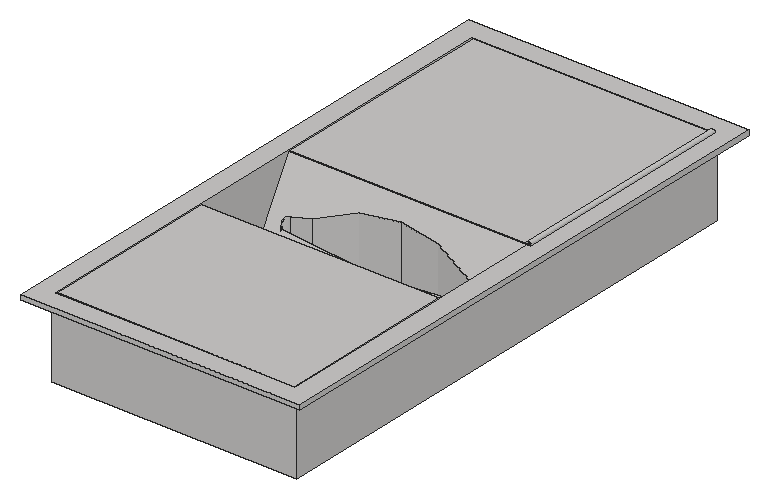
Revit family "Towel_Dispenser-Bradley_Corp-2291", category Specialty Equipment, host Face, Revit 2012
Parameters (values of type "Recessed")
  Width = 14"
  Warranty Information = "Complete unit, excepting mirrors warranted for one year.\r\n Stainless steel mirror frames for fifteen years.\r\n Plate glass mirrors for fifteen years.\r\n This warranty does not cover installation or any other labor charges and does not apply to any units,\r\n which have been damaged by accident, abuse, improper installation, improper maintenance, or altered in any way."
  Void Width = 12 1/2"
  Void Height = 26 1/2"
  Void Depth = 4"
  Version = "2.0"
  URL = "http://www.bradleycorp.com/"
  Type Comments = "Recessed"
  Technical Data = ""
  Specifications URL = "http://www.bradleycorp.com/3partspec"
  Product Tech Data URL - Spanish = "http://bradleycorp.com/download/134/8115es.pdf"
  Product Tech Data URL - French = "http://bradleycorp.com/download/135/8115fr.pdf"
  Product Tech Data URL - English = "http://bradleycorp.com/download/133/8115.pdf"
  OmniClass Table 23 Title = "Paper Towel Dispenser, Disposal Units"
  OmniClass Table 23 Number = "23-31 25 19 11"
  OmniClass Table 21 Title = "Toilet, Bath, and Laundry Accessories"
  OmniClass Table 21 Number = "21-03 10 90 40"
  Modeling Code = ""
  Model = "2291-000000"
  MasterFormat Title = "Toilet Accessories"
  MasterFormat Number = "10 28 13. 13"
  Manufacturer = "Bradley Corporation"
  Industry Standards = ""
  Height = 28"
  Fire Rating = "n/a"
  Description = "Towel Dispenser/Waste Receptacle"
  Depth of which projects = 1/4"
  Depth = 4"
  Default Elevation = 48"
  Copyright = "This Model Data is Property of Bradley Corporation"
  Cabinet Material = Metal - Bradley Corp - Stainless Steel Satin
  Buy American Act = "Yes"
  Assembly Code = "C1030200"
  ADA Compliant = "Yes"
Types (4): name | Void Depth | Type Comments | Model | Depth of which projects
  (no name) | 4" | "Recessed" | "2291-000000" | 1/4"
  Recessed | 4" | "Recessed" | "2291-000000" | 1/4"
  Semi-Recessed | 2" | "Semi-Recessed" | "2291-100000" | 2"
  Surface-Mounted | 1/32" | "Surface-Mounted" | "2291-110000" | 4"
Reference planes (in)
  plane 1 "Center (Front/Back)": y = 0
  plane 2: z = 0
  plane 3 "Center (Left/Right)": x = 0
  plane 4 "Front": z = 0.25
  plane 5 "Top": y = 14
  plane 6 "Right": x = 7
  plane 7 "Bottom": y = -14
  plane 8 "Left": x = -7
  plane 9 "Back": z = -3.75
  plane 10 "Panel": z = 0
  plane 11 "Center (Elevation)": y = 1.5
  plane 12: x = -6
  plane 13: x = 6
  plane 14: y = -13
  plane 15: y = 13
  plane 16 "Waste Top": y = -4
Forms (in)
  Extrusion 1, void
    sketch origin (0, 0, 0) x (1, 0, 0) y (0, 1, 0)
      loop
        line (-6.25, 13.25) -> (-6.25, -13.25) -> (6.25, -13.25) -> (6.25, 13.25) -> (-6.25, 13.25)
    from -4 to 0.25
  Extrusion 2, solid, material "Metal - Bradley Corp - Stainless Steel Satin" <- "Cabinet Material"
    sketch origin (0, 0, 0) x (1, 0, 0) y (0, 1, 0)
      loop
        line (-7, 14) -> (-7, -14) -> (7, -14) -> (7, 14) -> (-7, 14)
      loop
        line (6, -13) -> (6, 13) -> (-6, 13) -> (-6, -13) -> (6, -13)
    from 0 to 0.25
  Extrusion 3, solid, material "Metal - Bradley Corp - Stainless Steel Satin" <- "Cabinet Material"
    sketch origin (0, 0, -3.75) x (-1, 0, 0) y (0, -1, 0)
      loop
        line (6, -13) -> (6, 13) -> (-6, 13) -> (-6, -13) -> (6, -13)
    from 0 to 0.25
  Extrusion 4, solid, material "Metal - Bradley Corp - Stainless Steel Satin" <- "Cabinet Material"
    sketch origin (0, 0, 0.25) x (-1, 0, 0) y (0, -1, 0)
      loop
        line (6, -13) -> (6, 13) -> (-6, 13) -> (-6, -13) -> (6, -13)
      loop
        line (6.125, -13.125) -> (6.125, 13.125) -> (-6.125, 13.125) -> (-6.125, -13.125) -> (6.125, -13.125)
    from 0 to -4
  Extrusion 5, solid, material "Metal - Bradley Corp - Stainless Steel Satin" <- "Cabinet Material", detail levels fine
    sketch origin (0, 0, 0) x (1, 0, 0) y (0, 0, 1)
      loop
        line (-5.9375, 0.25) -> (-5.9375, -3.5) -> (5.9375, -3.5) -> (5.9375, 0.25) -> (-5.9375, 0.25)
      loop
        line (-5.875, 0.1875) -> (-5.875, -3.4375) -> (5.875, -3.4375) -> (5.875, 0.1875) -> (-5.875, 0.1875)
    from 4 to 13
  Extrusion 6, solid, material "Metal - Bradley Corp - Stainless Steel Satin" <- "Cabinet Material", detail levels coarse+medium
    sketch origin (0, 0, 0) x (1, 0, 0) y (0, 0, 1)
      loop
        line (-6, 0.25) -> (-6, -3.5) -> (6, -3.5) -> (6, 0.25) -> (-6, 0.25)
    from 4 to 13
  Extrusion 7, solid, material "Metal - Bradley Corp - Stainless Steel Satin" <- "Cabinet Material", detail levels medium+fine
    sketch origin (0, 14, 0) x (-1, 0, 0) y (0, 0, 1)
      loop
        line (5.9375, 0.25) -> (-5.9375, 0.25) -> (-5.9375, -3.5) -> (5.9375, -3.5) -> (5.9375, 0.25)
    from -1 to -12.5
  Extrusion 8, solid, material "Metal - Bradley Corp - Stainless Steel Satin" <- "Cabinet Material", detail levels medium+fine
    sketch origin (0, 0, 0) x (0, 1, 0) y (0, 0, 1)
      loop
        line (1.5, 0.24887) -> (-0.66441, -3.5) -> (1.5, -3.5) -> (1.5, 0.24887)
    from -6 to 6
  Extrusion 9, void
    sketch origin (0, 0, 0.25) x (-1, 0, 0) y (0, -1, 0)
      loop
        spline (4.9375, -0.30295) -> (5.02848, -0.29699) -> (5.1039, -0.28051) -> (5.16345, -0.25562) -> (5.20685, -0.22441) -> (5.23381, -0.189) -> (5.24403, -0.15148) -> (5.23723, -0.11396) -> (5.2131, -0.07854) -> (5.17135, -0.04734) -> (5.1117, -0.02244) -> (5.03385, -0.00596) -> (4.9375, 0)
        line (4.9375, 0) -> (0, 0.1658) -> (-4.9375, 0)
        spline (-4.9375, 0) -> (-5.03385, -0.00596) -> (-5.1117, -0.02244) -> (-5.17135, -0.04734) -> (-5.2131, -0.07854) -> (-5.23723, -0.11396) -> (-5.24403, -0.15148) -> (-5.23381, -0.189) -> (-5.20685, -0.22441) -> (-5.16345, -0.25562) -> (-5.1039, -0.28051) -> (-5.02848, -0.29699) -> (-4.9375, -0.30295)
        arc (-4.9375, -0.30295) -> (-4.43112, -0.33931) -> (-3.93098, -0.42654) r 5.02884
        arc (-3.93098, -0.42654) -> (-1.98742, -0.86512) -> (0, -1.0062) r 13.20063
        arc (0, -1.0062) -> (1.98742, -0.86512) -> (3.93098, -0.42654) r 13.20063
        arc (3.93098, -0.42654) -> (4.43112, -0.33931) -> (4.9375, -0.30295) r 5.02884
    from -3.75 to 0
  Extrusion 10, solid, material "Metal - Bradley Corp - Stainless Steel Satin" <- "Cabinet Material", detail levels coarse
    sketch origin (0, 0, 0) x (0, 1, 0) y (0, 0, 1)
      loop
        line (1.5, 0.24887) -> (-0.66441, -3.5) -> (1.5, -3.5) -> (1.5, 0.24887)
    from -6 to 6
  Extrusion 11, solid, material "Metal - Bradley Corp - Stainless Steel Satin" <- "Cabinet Material", detail levels fine
    sketch origin (0, 14, 0) x (-1, 0, 0) y (0, 0, 1)
      loop
        arc (-5.87891, 0.25) -> (-6, 0.37109) -> (-6.12109, 0.25) r 0.12109
        line (-6.12109, 0.25) -> (-5.87891, 0.25)
    from -12.5 to -1
  Extrusion 12, solid, material "Metal - Bradley Corp - Stainless Steel Satin" <- "Cabinet Material", detail levels coarse
    sketch origin (0, 0, 0.25) x (-1, 0, 0) y (0, -1, 0)
      loop
        line (6, -13) -> (6, -1.5) -> (-6, -1.5) -> (-6, -13) -> (6, -13)
    from 0 to -4
Cuts and joins
  Extrusion 9 cuts Extrusion 2
  Extrusion 9 cuts Extrusion 4
  joined: Extrusion 2, Extrusion 4
  Extrusion 9 cuts Extrusion 8
Lines and regions (in)
  Masking region 1
    outline origin (0, 0, 0.25) x (-1, 0, 0) y (0, -1, 0)
      loop
        line (7, -14) -> (7, 14) -> (-7, 14) -> (-7, -14) -> (7, -14)
  Masking region 2
    outline origin (0, 0, 0) x (1, 0, 0) y (0, 0, 1)
      loop
        line (7, 0.25) -> (-7, 0.25) -> (-7, 0) -> (7, 0) -> (7, 0.25)
  Masking region 3
    outline origin (0, 0, 0) x (0, 1, 0) y (0, 0, 1)
      loop
        line (-14, 0.25) -> (-14, 0) -> (14, 0) -> (14, 0.25) -> (-14, 0.25)
  model lines, detail levels fine
    curve 1: line (7, -14, 0) -> (7, 14, 0)
    curve 2: line (7, 14, 0) -> (-7, 14, 0)
    curve 3: line (-7, 14, 0) -> (-7, -14, 0)
    curve 4: line (-7, -14, 0) -> (7, -14, 0)
    curve 6: circle (-5.40349, 7.25, 0.25) r 0.30859 normal (0, 0, 1)
  model lines, detail levels medium+fine
    curve 5: circle (-5.40349, 7.25, 0.25) r 0.45313 normal (0, 0, 1)
  model lines, detail levels medium
    curve 7: line (-5.5, -4, -0.25) -> (5.5, -4, -0.25)
    curve 8: line (-5.5, -4, -3) -> (-5.5, -4, -0.25)
    curve 9: line (5.5, -4, -3) -> (-5.5, -4, -3)
    curve 10: line (5.5, -4, -0.25) -> (5.5, -4, -3)
  symbolic lines, detail levels medium+fine
    curve 11: line (-6, 13, 0.25) -> (6, 13, 0.25)
    curve 12: line (-6, -13, 0.25) -> (-6, 13, 0.25)
    curve 13: line (6, -13, 0.25) -> (-6, -13, 0.25)
    curve 14: line (6, 13, 0.25) -> (6, -13, 0.25)
    curve 18: arc (-3.93098, 0.42653, 0.25) -> (-1.98742, 0.86512, 0.25) -> (0, 1.0062, 0.25) r 13.20062
    curve 19: arc (0, 1.0062, 0.25) -> (1.98742, 0.86512, 0.25) -> (3.93098, 0.42653, 0.25) r 13.20062
    curve 20: arc (3.93098, 0.42653, 0.25) -> (4.43926, 0.33831, 0.25) -> (4.9539, 0.30263, 0.25) r 5.02884
    curve 21: spline (4.9539, 0.30263, 0.25) -> (5.0334, 0.29585, 0.25) -> (5.10654, 0.27886, 0.25) -> (5.16817, 0.25284, 0.25) -> (5.21395, 0.21965, 0.25) -> (5.24067, 0.18159, 0.25) -> (5.24643, 0.14137, 0.25) -> (5.23083, 0.1018, 0.25) -> (5.19498, 0.06568, 0.25) -> (5.14139, 0.03554, 0.25) -> (5.07384, 0.01351, 0.25) -> (4.99708, 0.00114, 0.25) -> (4.91651, -0.0007, 0.25)
    curve 22: line (4.91651, -0.0007, 0.25) -> (0, -0.1658, 0.25)
    curve 23: line (0, -0.1658, 0.25) -> (-4.91654, -0.0007, 0.25)
    curve 24: spline (-4.91654, -0.0007, 0.25) -> (-4.9971, 0.00114, 0.25) -> (-5.07386, 0.01352, 0.25) -> (-5.14141, 0.03555, 0.25) -> (-5.195, 0.06569, 0.25) -> (-5.23085, 0.10181, 0.25) -> (-5.24644, 0.14137, 0.25) -> (-5.24068, 0.1816, 0.25) -> (-5.21396, 0.21965, 0.25) -> (-5.16818, 0.25285, 0.25) -> (-5.10655, 0.27886, 0.25) -> (-5.03341, 0.29585, 0.25) -> (-4.95391, 0.30263, 0.25)
    curve 25: arc (-4.95391, 0.30263, 0.25) -> (-4.43926, 0.33831, 0.25) -> (-3.93098, 0.42653, 0.25) r 5.02884
    curve 26: circle (-5.40349, 7.25, 0.25) r 0.45313 normal (0, 0, 1)
  symbolic lines
    curve 15: line (6, -4, 0.25) -> (-6, -4, 0.25)
    curve 16: line (6, -0.66441, 0.25) -> (-6, -0.66441, 0.25)
    curve 17: line (-6, 1.5, 0.25) -> (6, 1.5, 0.25)
  symbolic lines, detail levels fine
    curve 27: circle (-5.40349, 7.25, 0.25) r 0.30859 normal (0, 0, 1)
Dimensions and locks (in)
  "Width": plane 8 "Left" to plane 6 "Right"
  "Height": plane 5 "Top" to plane 7 "Bottom"
  equal spacing: plane 7 "Bottom", plane 1 "Center (Front/Back)", plane 5 "Top"
  equal spacing: plane 8 "Left", plane 3 "Center (Left/Right)", plane 6 "Right"
  "Depth": plane 4 "Front" to plane 9 "Back"
  locked: plane 4 "Front" to plane 10 "Panel" at 0.25
  "Depth of which projects": plane 4 "Front" to plane 2
  equal spacing: Extrusion 1 sketch curve, plane 3 "Center (Left/Right)", Extrusion 1 sketch curve
  "Void Width": Extrusion 1 sketch curve to Extrusion 1 sketch curve
  equal spacing: Extrusion 1 sketch curve, plane 1 "Center (Front/Back)", Extrusion 1 sketch curve
  "Void Height": Extrusion 1 sketch curve to Extrusion 1 sketch curve
  locked: plane 5 "Top" to plane 15 at 1
  locked: plane 7 "Bottom" to plane 14 at 1
  locked: plane 8 "Left" to plane 12 at 1
  locked: plane 13 to plane 6 "Right" at 1
  "Void Depth": Extrusion 1 to plane 2
  plane 16 "Waste Top" to plane 14 = 9"
  plane 15 to plane 11 "Center (Elevation)" = 11 1/2"
  locked: Extrusion 4 sketch curve to plane 12 at 0.125
  locked: plane 13 to Extrusion 4 sketch curve at 0.125
  locked: plane 15 to Extrusion 4 sketch curve at 0.125
  locked: plane 14 to Extrusion 4 sketch curve at 0.125
  locked: Extrusion 5 sketch curve to plane 12 at 0.0625
  locked: Extrusion 5 sketch curve to plane 13 at 0.0625
  locked: plane 12 to Extrusion 5 sketch curve at 0.125
  locked: plane 13 to Extrusion 5 sketch curve at 0.125
  locked: plane 4 "Front" to Extrusion 5 sketch curve at 0.0625
  locked: Extrusion 5 sketch curve to plane 9 "Back" at 0.3125
  locked: plane 9 "Back" to Extrusion 8 sketch curve at 0.25
  locked: Extrusion 10 sketch curve to plane 9 "Back" at 0.25
  locked: plane 11 "Center (Elevation)" to Extrusion 8 sketch curve at 2.16441
  locked: plane 11 "Center (Elevation)" to Extrusion 10 sketch curve at 2.16441
  equal spacing: plane 15, curve 5, plane 11 "Center (Elevation)"
  locked: plane 4 "Front" to curve 7 at 0.5
  locked: curve 9 to plane 9 "Back" at 0.75
  angle plane 4 "Front" to Extrusion 8 sketch curve = 120.00°
  aligned and locked: plane 2 to host face
  aligned and locked: level to host face
  aligned and locked: plane 4 "Front" to Extrusion 1
  aligned and locked: plane 8 "Left" to Extrusion 2 sketch curve
  aligned and locked: Extrusion 2 sketch curve to plane 5 "Top"
  aligned and locked: plane 7 "Bottom" to Extrusion 2 sketch curve
  aligned and locked: Extrusion 2 sketch curve to plane 6 "Right"
  aligned and locked: plane 13 to Extrusion 2 sketch curve
  aligned and locked: Extrusion 2 sketch curve to plane 14
  aligned and locked: plane 15 to Extrusion 2 sketch curve
  aligned and locked: plane 12 to Extrusion 2 sketch curve
  aligned and locked: plane 4 "Front" to Extrusion 2
  aligned and locked: Extrusion 2 to plane 2
  aligned and locked: plane 10 "Panel" to curve 1
  aligned and locked: curve 3 to plane 10 "Panel"
  aligned and locked: plane 10 "Panel" to curve 2
  aligned and locked: curve 4 to plane 10 "Panel"
  aligned and locked: plane 12 to Extrusion 3 sketch curve
  aligned and locked: Extrusion 3 sketch curve to plane 15
  aligned and locked: Extrusion 3 sketch curve to plane 13
  aligned and locked: Extrusion 3 sketch curve to plane 14
  aligned and locked: Extrusion 2 to Extrusion 4 sketch curve
  aligned and locked: Extrusion 4 sketch curve to Extrusion 2  (x3)
  aligned and locked: Extrusion 4 to plane 9 "Back"
  aligned and locked: Extrusion 5 sketch curve to plane 4 "Front"
  aligned and locked: Extrusion 5 sketch curve to Extrusion 3
  aligned and locked: plane 12 to Extrusion 6 sketch curve
  aligned and locked: Extrusion 6 sketch curve to plane 4 "Front"
  aligned and locked: Extrusion 3 to Extrusion 6 sketch curve
  aligned and locked: Extrusion 6 sketch curve to Extrusion 3
  aligned and locked: plane 14 to Extrusion 5
  aligned and locked: plane 14 to Extrusion 6
  aligned and locked: Extrusion 7 sketch curve to Extrusion 5  (x3)
  aligned and locked: Extrusion 5 to Extrusion 7 sketch curve
  aligned and locked: Extrusion 7 to plane 15
  aligned and locked: Extrusion 7 to plane 11 "Center (Elevation)"
  aligned and locked: plane 13 to Extrusion 8
  aligned and locked: Extrusion 8 to plane 12
  aligned and locked: Extrusion 9 to Extrusion 3
  aligned and locked: plane 4 "Front" to Extrusion 9
  aligned and locked: Extrusion 10 sketch curve to plane 11 "Center (Elevation)"
  aligned and locked: plane 13 to Extrusion 10
  aligned and locked: Extrusion 10 to plane 12
  aligned and locked: plane 13 to Extrusion 11 sketch curve
  aligned and locked: plane 4 "Front" to Extrusion 11 sketch curve
  aligned and locked: Extrusion 11 to plane 11 "Center (Elevation)"
  aligned and locked: plane 15 to Extrusion 11
  aligned and locked: plane 16 "Waste Top" to Extrusion 6
  aligned and locked: plane 16 "Waste Top" to Extrusion 5
  aligned and locked: plane 11 "Center (Elevation)" to Extrusion 8 sketch curve
  aligned and locked: Extrusion 10 to Extrusion 12 sketch curve
  aligned and locked: Extrusion 12 sketch curve to plane 13
  aligned and locked: Extrusion 12 sketch curve to plane 15
  aligned and locked: plane 12 to Extrusion 12 sketch curve
  aligned and locked: Extrusion 12 to plane 4 "Front"
  aligned and locked: Extrusion 12 to plane 9 "Back"
  aligned and locked: Masking region 1 sketch curve to curve 2
  aligned and locked: Masking region 1 sketch curve to curve 3
  aligned and locked: Masking region 1 sketch curve to curve 4
  aligned and locked: Masking region 1 sketch curve to curve 1
  aligned and locked: Masking region 2 sketch curve to cut or joined group of Extrusion 2, Extrusion 4, Extrusion 9  (x4)
  aligned and locked: Masking region 3 sketch curve to cut or joined group of Extrusion 2, Extrusion 4, Extrusion 9  (x4)
Automatic sketch dimensions
  host sketch curve to host sketch curve = 18.558"
  host sketch curve to host sketch curve = 32.58276"
  curve 1 to Extrusion 2 = 0"  (x2)
  curve 2 to Extrusion 2 = 0"  (x2)
  curve 3 to Extrusion 2 = 0"  (x2)
  curve 4 to Extrusion 2 = 0"  (x2)
  plane 13 to Extrusion 11 sketch curve = 31/256"
  Extrusion 10 sketch curve to plane 4 "Front" = 0.00113"
  Extrusion 9 sketch curve to plane 1 "Center (Front/Back)" = 0"  (x2)
  Extrusion 9 sketch curve to plane 3 "Center (Left/Right)" = 0"  (x2)
  plane 3 "Center (Left/Right)" to Extrusion 9 sketch curve = 0.06168"
  Extrusion 9 sketch curve to plane 1 "Center (Front/Back)" = 0.42654"  (x2)
  Extrusion 9 sketch curve to plane 13 = 2.06902"
  Extrusion 9 sketch curve to plane 1 "Center (Front/Back)" = 0.30295"  (x2)
  Extrusion 9 sketch curve to Extrusion 9 sketch curve = 1.00652"  (x2)
  Extrusion 9 sketch curve to plane 13 = 0.95602"
  Extrusion 9 sketch curve to plane 3 "Center (Left/Right)" = 0.06168"
  Extrusion 9 sketch curve to plane 3 "Center (Left/Right)" = 3.93098"
  plane 12 to Extrusion 9 sketch curve = 0.95602"
  Extrusion 9 sketch curve to plane 1 "Center (Front/Back)" = 1.0062"
  plane 1 "Center (Front/Back)" to Extrusion 9 sketch curve = 0.1658"
  curve 7 to plane 13 = 1/2"
  plane 12 to curve 9 = 1/2"
  curve 5 to curve 6 = 0"  (x2)
  curve 5 to curve 26 = 0"  (x2)
  curve 5 to curve 27 = 0"  (x2)
  curve 6 to curve 26 = 0"
  curve 6 to curve 27 = 0"
  curve 26 to curve 27 = 0"
  curve 16 to plane 13 = 0"
  curve 22 to plane 3 "Center (Left/Right)" = 0"
  curve 15 to plane 12 = 0"
  curve 12 to plane 15 = 0"
  curve 17 to plane 11 "Center (Elevation)" = 0"
  curve 15 to plane 16 "Waste Top" = 0"
  plane 14 to curve 13 = 0"
  curve 20 to plane 13 = 0.95602"
  curve 20 to plane 1 "Center (Front/Back)" = 0.30263"
  curve 20 to plane 13 = 1.0461"
  curve 20 to curve 21 = 0.01089"
  plane 1 "Center (Front/Back)" to curve 21 = 0.0007"
  curve 21 to curve 21 = 0.0265"
  curve 21 to plane 1 "Center (Front/Back)" = 0.15072"
  curve 19 to plane 1 "Center (Front/Back)" = 0.42653"
  curve 21 to curve 19 = 0.70804"
  plane 3 "Center (Left/Right)" to curve 19 = 0.06168"
  curve 19 to plane 3 "Center (Left/Right)" = 0"
  curve 18 to plane 3 "Center (Left/Right)" = 0.06168"
  curve 25 to plane 1 "Center (Front/Back)" = 0.42653"
  curve 25 to curve 17 = 2.06902"
  curve 24 to plane 1 "Center (Front/Back)" = 0.15072"
  curve 25 to curve 24 = 0.70805"
  plane 1 "Center (Front/Back)" to curve 24 = 0.0007"
  curve 24 to curve 24 = 0.27751"
  curve 23 to curve 24 = 0.02649"
  curve 24 to curve 24 = 0.01088"
  plane 12 to curve 25 = 0.95602"
  plane 12 to curve 6 = 0.59651"
  curve 19 to plane 1 "Center (Front/Back)" = 1.0062"
  plane 1 "Center (Front/Back)" to curve 23 = 0.1658"
  plane 1 "Center (Front/Back)" to curve 16 = 0.66441"
  radius of curve 5 = 29/64"
  radius of curve 6 = 79/256"
  radius of curve 26 = 29/64"
  radius of curve 27 = 79/256"
